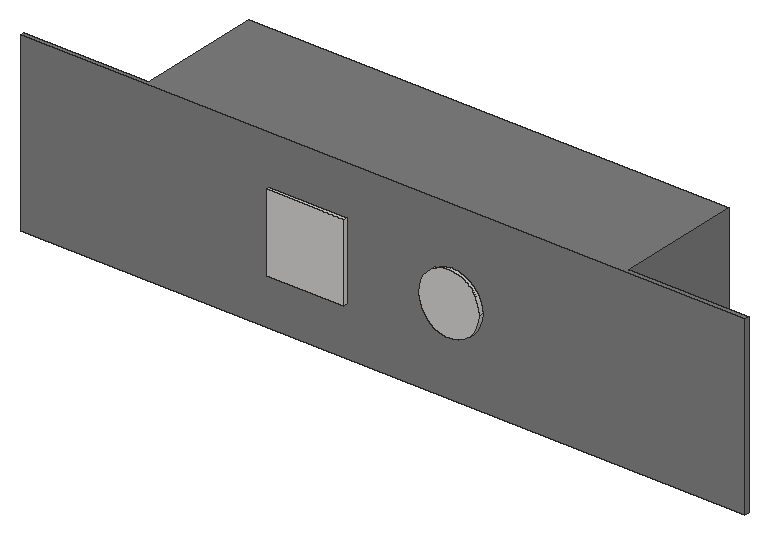
Revit family "2400", category Generic Models, Revit 2021
Family settings
  Can host rebar = No
  Round Connector Dimension = Use Diameter
  Part Type = Normal
  Work Plane-Based = No
  Always vertical = Yes
  Cut with Voids When Loaded = No
  Shared = No
  Room Calculation Point = No
Parameters (values of type "Standard")
  e-mail = "info@vola.com"
  URL = "http://vola.com"
  Telephone = "+45 7023 5500"
  Quality management standard = "ISO 9001"
  Organisation no. / DUNS no. = "17531328"
  Occupational health and safety management standard = "ISO 18001"
  Mounting Instructions = "http://vola.com/service/producturl.ashx?name=2400"
  Model = "2400"
  Materials and components information = "http://vola.com/service/producturl.ashx?name=2400"
  Manufacturer = "VOLA A/S"
  Maintenance Instructions = "http://vola.com/service/producturl.ashx?name=2400"
  Guarantee = "2 years"
  Flow = "22,00 l/min"
  Environmental management standard = "ISO 14000"
  Default Elevation = 0.00 mm
  Connection - All relevant connections = ""
  Approvals = "http://vola.com/service/producturl.ashx?name=2400"
Reference planes
  plane 1 "Center (Front/Back)": y = 0
  plane 2: z = 0
  plane 3 "Center (Left/Right)": x = 0
  plane 4 "Front Plane": y = -72.5
  plane 5 "Inlet Center Plane": y = -25
  plane 6: z = 70
Forms (mm)
  Extrusion 1, solid, material "Stainless Steel"
    sketch origin (0, 0, 1) x (1, 0, 0) y (0, 0, 1)
      loop
        circle (39, 69) r 16.5
    from 70.5 to 72.5
  Extrusion 2, solid, material "Stainless Steel"
    sketch origin (1032.5, -2.5, 1) x (-1, 0, 0) y (0, 0, -1)
      loop
        line (1092.5, -90) -> (1092.5, -48) -> (1050.5, -48) -> (1050.5, -90) -> (1092.5, -90)
    from 68 to 70
  Extrusion 3, solid, material "Default"
    sketch origin (0, 0, 1) x (1, 0, 0) y (0, 1, 0)
      loop
        line (-127.5, 0) -> (-127.5, -68) -> (132.5, -68) -> (132.5, 0) -> (-127.5, 0)
    from 21.5 to 116.5
  Extrusion 4, solid, material "Stainless Steel"
    sketch origin (0, 0, 22.5) x (0, 1, 0) y (1, 0, 0)
      loop
        circle (-25, -12) r 14
    from 0 to 22.5
  Extrusion 5, solid, material "Stainless Steel"
    sketch origin (-54, 0, 22.5) x (0, 1, 0) y (1, 0, 0)
      loop
        circle (-25, -12) r 14
    from 0 to 22.5
  Extrusion 6, solid, material "Default"
    sketch origin (0, 0, 0) x (1, 0, 0) y (0, 1, 0)
      loop
        line (-195, -68) -> (-195, -70.5) -> (197.5, -70.5) -> (197.5, -68) -> (-195, -68)
    from 22.5 to 117.5
Cuts and joins
  joined: Extrusion 3, Extrusion 6
Lines and regions (mm)
  reference lines
    curve 1: line (-39, -25, 70) -> (-39, -122.5, 70)
    curve 2: line (39, -37.5, 70) -> (39, -122.5, 70)
    curve 3: line (-66, -25, 70) -> (-66, -25, -29)
    curve 4: line (-12, -25, 70) -> (-12, -25, -29)
    curve 5: line (39, -37.5, 70) -> (39, -37.5, 169)
    curve 6: line (39, -37.5, 70) -> (39, -37.5, -29)
Dimensions and locks
  aligned and locked: plane 2 to level
  aligned and locked: plane 6 to curve 4
  aligned and locked: plane 6 to curve 3
  aligned and locked: Extrusion 3 to Extrusion 6
  aligned and locked: Extrusion 6 to Extrusion 3
